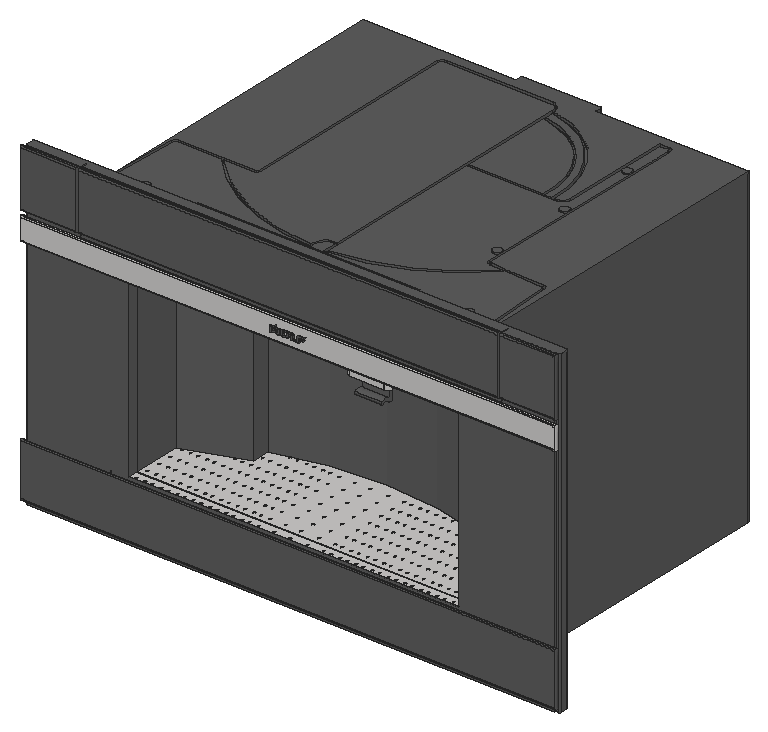
Revit family "EC3050CMB", category Specialty Equipment, Revit 2017
Family settings
  Round Connector Dimension = Use Diameter
  Part Type = Normal
  OmniClass Number = 23.40.40.11.21
  OmniClass Title = Hot Cabinets
  Work Plane-Based = No
  Always vertical = Yes
  Cut with Voids When Loaded = No
  Shared = No
  Room Calculation Point = No
Parameters (values of type "EC3050CMB")
  URL = "http://www.yepsketch.com"
  Model = "EC3050CMB"
  Manufacturer = "Subzero Wolf"
  Author = "Yepsketch"
  Assembly Code = "E1090320"
Reference planes (in)
  plane 1 "Center (Front/Back)": y = 0
  plane 2: z = 0
  plane 3 "Center (Left/Right)": x = 0
Forms (in)
  Extrusion 1, solid, material "Thermoplastic Resin"
    sketch origin (0, 7.12532, 0) x (1, 0, 0) y (0, 1, 0)
      loop
        line (-10.56417, 11.49096) -> (-10.56417, -6.29752) -> (10.89149, -6.29752) -> (10.89149, 11.48176)
        arc (10.89149, 11.48176) -> (10.88186, 11.505) -> (10.85861, 11.51463) r 0.03287
        line (10.85861, 11.51463) -> (2.4247, 11.51463)
        arc (2.4247, 11.51463) -> (2.39736, 11.52596) -> (2.38603, 11.5533) r 0.03867
        line (2.38603, 11.5533) -> (2.38603, 11.83137)
        arc (2.38603, 11.83137) -> (2.36087, 11.89211) -> (2.30014, 11.91727) r 0.08589
        line (2.30014, 11.91727) -> (-2.01654, 11.91727)
        arc (-2.01654, 11.91727) -> (-2.04636, 11.90491) -> (-2.05872, 11.87508) r 0.04218
        line (-2.05872, 11.87508) -> (-2.05872, 11.54377)
        arc (-2.05872, 11.54377) -> (-2.06741, 11.5228) -> (-2.08838, 11.51412) r 0.02966
        line (-2.08838, 11.51412) -> (-10.54102, 11.51412)
        arc (-10.54102, 11.51412) -> (-10.55739, 11.50733) -> (-10.56417, 11.49096) r 0.02316
    from 0 to 17.50389
  Extrusion 2, solid, material "Thermoplastic Resin"
    sketch origin (0, 7.12532, 0) x (1, 0, 0) y (0, 1, 0)
      loop
        arc (-14.63533, -6.29752) -> (-14.66433, -6.30953) -> (-14.67635, -6.33853) r 0.04101
        line (-14.67635, -6.33853) -> (-14.67635, -6.74089)
        arc (-14.67635, -6.74089) -> (-14.65028, -6.80383) -> (-14.58734, -6.82989) r 0.089
        line (-14.58734, -6.82989) -> (-14.55019, -6.82989) -> (-14.55019, -6.86238) -> (14.82353, -6.86238) -> (14.82353, -6.82989) -> (14.9842, -6.82989)
        arc (14.9842, -6.82989) -> (15.04713, -6.80383) -> (15.0732, -6.74089) r 0.089
        line (15.0732, -6.74089) -> (15.0732, -6.34753)
        arc (15.0732, -6.34753) -> (15.05855, -6.31217) -> (15.02319, -6.29752) r 0.05001
        line (15.02319, -6.29752) -> (-14.63533, -6.29752)
    from 0 to 17.89035
  Extrusion 3, solid, material "Thermoplastic Resin"
    sketch origin (0, 7.12532, 0) x (0, 1, 0) y (0, 0, 1)
      loop
        line (-6.97925, 17.8877) -> (-6.97925, 17.92118) -> (-7.06184, 17.92118)
        arc (-7.06184, 17.92118) -> (-7.10673, 17.90259) -> (-7.12532, 17.8577) r 0.06348
        line (-7.12532, 17.8577) -> (-7.12532, 14.7687)
        arc (-7.12532, 14.7687) -> (-7.10775, 14.72628) -> (-7.06532, 14.7087) r 0.06
        line (-7.06532, 14.7087) -> (-6.97925, 14.7087) -> (-6.97925, 14.741)
        arc (-6.97925, 14.741) -> (-6.92582, 14.75199) -> (-6.88306, 14.78586) r 0.11786
        line (-6.88306, 14.78586) -> (-6.88306, 17.79151)
        arc (-6.88306, 17.79151) -> (-6.91124, 17.85953) -> (-6.97925, 17.8877) r 0.09619
    from -14.87164 to 15.0732
  Extrusion 4, solid, material "Thermoplastic Resin"
    sketch origin (0, 7.12532, -14.65955) x (0, 1, 0) y (0, 0, 1)
      loop
        line (-6.97925, 17.8877) -> (-6.97925, 17.92118) -> (-7.03893, 17.92118)
        arc (-7.03893, 17.92118) -> (-7.08382, 17.90259) -> (-7.10241, 17.8577) r 0.06348
        line (-7.10241, 17.8577) -> (-7.10241, 14.98643)
        arc (-7.10241, 14.98643) -> (-7.08484, 14.944) -> (-7.04241, 14.92643) r 0.06
        line (-7.04241, 14.92643) -> (-6.97925, 14.92643) -> (-6.97925, 14.95872)
        arc (-6.97925, 14.95872) -> (-6.92582, 14.96971) -> (-6.88306, 15.00358) r 0.11786
        line (-6.88306, 15.00358) -> (-6.88306, 17.79151)
        arc (-6.88306, 17.79151) -> (-6.91124, 17.85953) -> (-6.97925, 17.8877) r 0.09619
    from -14.87164 to 15.0732
  Extrusion 5, solid, material "Thermoplastic Resin"
    sketch origin (-0.03592, 0, 12.01182) x (1, 0, 0) y (0, 0, 1)
      loop
        line (-0.78338, 1.93507) -> (-0.78338, 1.6486)
        arc (-0.78338, 1.6486) -> (-0.76479, 1.60964) -> (-0.7228, 1.59961) r 0.05011
        arc (-0.7228, 1.59961) -> (-0.61616, 1.62639) -> (-0.5079, 1.64558) r 1.55626
        arc (-0.5079, 1.64558) -> (-0.40084, 1.6278) -> (-0.2958, 1.60049) r 1.20968
        arc (-0.2958, 1.60049) -> (-0.25018, 1.60972) -> (-0.23318, 1.65304) r 0.04866
        line (-0.23318, 1.65304) -> (-0.23318, 1.93125)
        arc (-0.23318, 1.93125) -> (-0.31238, 1.89844) -> (-0.34519, 1.81924) r 0.11201
        line (-0.34519, 1.81924) -> (-0.34519, 1.70699)
        arc (-0.34519, 1.70699) -> (-0.35261, 1.68908) -> (-0.37053, 1.68166) r 0.02534
        arc (-0.37053, 1.68166) -> (-0.43864, 1.69691) -> (-0.5079, 1.70549) r 0.72005
        arc (-0.5079, 1.70549) -> (-0.57894, 1.69799) -> (-0.64803, 1.67986) r 0.47224
        arc (-0.64803, 1.67986) -> (-0.6643, 1.6866) -> (-0.67104, 1.70287) r 0.02301
        line (-0.67104, 1.70287) -> (-0.67104, 1.82273)
        arc (-0.67104, 1.82273) -> (-0.70394, 1.90217) -> (-0.78338, 1.93507) r 0.11235
      loop
        arc (-0.56557, 1.90748) -> (-0.5872, 1.89239) -> (-0.60229, 1.87076) r 0.07521
        arc (-0.60229, 1.87076) -> (-0.59345, 1.78059) -> (-0.51043, 1.74433) r 0.08951
        arc (-0.51043, 1.74433) -> (-0.47511, 1.76343) -> (-0.46243, 1.80153) r 0.05455
        arc (-0.46243, 1.80153) -> (-0.46214, 1.81803) -> (-0.45569, 1.83322) r 0.04323
        arc (-0.45569, 1.83322) -> (-0.43543, 1.81122) -> (-0.42883, 1.78205) r 0.05798
        arc (-0.42883, 1.78205) -> (-0.41536, 1.79598) -> (-0.40624, 1.81308) r 0.06974
        arc (-0.40624, 1.81308) -> (-0.4108, 1.85645) -> (-0.43391, 1.89342) r 0.09691
        line (-0.43391, 1.89342) -> (-0.45673, 1.91625)
        arc (-0.45673, 1.91625) -> (-0.47997, 1.95054) -> (-0.49449, 1.98935) r 0.17478
        arc (-0.49449, 1.98935) -> (-0.51379, 1.97221) -> (-0.52256, 1.94794) r 0.05234
        arc (-0.52256, 1.94794) -> (-0.5155, 1.91422) -> (-0.51539, 1.87978) r 0.16948
        arc (-0.51539, 1.87978) -> (-0.52642, 1.85392) -> (-0.55331, 1.8621) r 0.02104
        arc (-0.55331, 1.8621) -> (-0.56264, 1.88392) -> (-0.56557, 1.90748) r 0.08502
      loop
        line (-0.13714, 1.82707) -> (-0.13714, 1.70373)
        arc (-0.13714, 1.70373) -> (-0.09523, 1.61485) -> (0, 1.59063) r 0.1152
        line (0, 1.59063) -> (0.17151, 1.59063)
        arc (0.17151, 1.59063) -> (0.25662, 1.62589) -> (0.29188, 1.711) r 0.12037
        line (0.29188, 1.711) -> (0.29188, 1.81888)
        arc (0.29188, 1.81888) -> (0.25662, 1.90399) -> (0.17151, 1.93924) r 0.12037
        line (0.17151, 1.93924) -> (0, 1.93924)
        arc (0, 1.93924) -> (-0.09515, 1.91565) -> (-0.13714, 1.82707) r 0.11445
      loop
        arc (0.1346, 1.64398) -> (0.17192, 1.65944) -> (0.18738, 1.69676) r 0.05278
        line (0.18738, 1.69676) -> (0.18738, 1.83018)
        arc (0.18738, 1.83018) -> (0.17192, 1.8675) -> (0.1346, 1.88296) r 0.05278
        line (0.1346, 1.88296) -> (0.018, 1.88296)
        arc (0.018, 1.88296) -> (-0.02223, 1.86286) -> (-0.03032, 1.81862) r 0.05032
        line (-0.03032, 1.81862) -> (-0.03032, 1.71287)
        arc (-0.03032, 1.71287) -> (-0.01014, 1.66416) -> (0.03857, 1.64398) r 0.06889
        line (0.03857, 1.64398) -> (0.1346, 1.64398)
      loop
        arc (0.8275, 1.93924) -> (0.78371, 1.92111) -> (0.76557, 1.87732) r 0.06192
        line (0.76557, 1.87732) -> (0.76557, 1.65068)
        arc (0.76557, 1.65068) -> (0.8195, 1.59675) -> (0.87343, 1.65068) r 0.05393
        line (0.87343, 1.65068) -> (0.87343, 1.6847)
        arc (0.87343, 1.6847) -> (0.88527, 1.70013) -> (0.90382, 1.70598) r 0.03234
        line (0.90382, 1.70598) -> (1.06376, 1.70598)
        arc (1.06376, 1.70598) -> (1.09629, 1.73851) -> (1.06376, 1.77105) r 0.03253
        line (1.06376, 1.77105) -> (0.88126, 1.77105)
        arc (0.88126, 1.77105) -> (0.87349, 1.80451) -> (0.88126, 1.83797) r 0.07591
        line (0.88126, 1.83797) -> (1.06376, 1.83797)
        arc (1.06376, 1.83797) -> (1.13029, 1.86868) -> (1.15008, 1.93924) r 0.08743
        line (1.15008, 1.93924) -> (0.8275, 1.93924)
      loop
        arc (0.50305, 1.82698) -> (0.47017, 1.90636) -> (0.39079, 1.93924) r 0.11226
        line (0.39079, 1.93924) -> (0.39079, 1.65068)
        arc (0.39079, 1.65068) -> (0.40668, 1.61231) -> (0.44504, 1.59642) r 0.05425
        line (0.44504, 1.59642) -> (0.69605, 1.59642)
        arc (0.69605, 1.59642) -> (0.72741, 1.62779) -> (0.69605, 1.65915) r 0.03137
        line (0.69605, 1.65915) -> (0.5263, 1.65915)
        arc (0.5263, 1.65915) -> (0.50986, 1.66596) -> (0.50305, 1.6824) r 0.02324
        line (0.50305, 1.6824) -> (0.50305, 1.82698)
    from -0.26294 to 0.06132
  Extrusion 6, void
    sketch origin (0, 7.12532, 0) x (1, 0, 0) y (0, 1, 0)
      loop
        line (9.44981, -7.47925) -> (9.44981, -3.6299)
        arc (9.44981, -3.6299) -> (0.27297, -1.55579) -> (-8.92193, -3.54826) r 21.76654
        line (-8.92193, -3.54826) -> (-8.92193, -7.47925) -> (9.44981, -7.47925)
    from 3.35827 to 13.41379
  Extrusion 7, void
    sketch origin (0, 7.12532, 0) x (1, 0, 0) y (0, 1, 0)
      loop
        line (6.1621, -2.39482) -> (6.1621, -1.31974)
        arc (6.1621, -1.31974) -> (0.28683, -0.39574) -> (-5.58408, -1.3471) r 18.86171
        line (-5.58408, -1.3471) -> (-5.58408, -2.39482) -> (6.1621, -2.39482)
    from 3.35827 to 12.25674
  Extrusion 8, solid, material "Stainless Steel, Brushed"
    sketch origin (0, 0, 0) x (1, 0, 0) y (0, 0, 1)
      loop
        arc (-0.99053, 12.25674) -> (-1.04261, 12.23517) -> (-1.06418, 12.18309) r 0.07365
        line (-1.06418, 12.18309) -> (-1.06418, 9.0422)
        arc (-1.06418, 9.0422) -> (-1.05479, 8.99904) -> (-1.0211, 8.9705) r 0.06879
        line (-1.0211, 8.9705) -> (1.3753, 8.9705)
        arc (1.3753, 8.9705) -> (1.42013, 9.0049) -> (1.43713, 9.05879) r 0.09396
        line (1.43713, 9.05879) -> (1.43713, 12.16873)
        arc (1.43713, 12.16873) -> (1.42922, 12.22878) -> (1.3755, 12.25674) r 0.06558
        line (1.3755, 12.25674) -> (-0.99053, 12.25674)
    from -6.50267 to -5.46152
  Extrusion 9, void
    sketch origin (0, 7.12532, 0) x (1, 0, 0) y (0, 1, 0)
      loop
        line (-0.75, -0.65833) -> (-0.75, -0.62266) -> (-1.11603, -0.62266) -> (-1.11603, -0.88277) -> (-1.08095, -0.88277)
        arc (-1.08095, -0.88277) -> (-0.95427, -0.71335) -> (-0.75, -0.65833) r 0.32374
    from 8.9705 to 12.25674
  Extrusion 10, void
    sketch origin (0, 4.83887, 0) x (1, 0, 0) y (0, 1, 0)
      loop
        arc (-0.75, 0.65833) -> (-0.95427, 0.71335) -> (-1.08095, 0.88277) r 0.32374
        line (-1.08095, 0.88277) -> (-1.11603, 0.88277) -> (-1.11603, 0.62266) -> (-0.75, 0.62266) -> (-0.75, 0.65833)
    from 8.9705 to 12.25674
  Extrusion 11, void
    sketch origin (0.36435, 7.12532, 0) x (-1, 0, 0) y (0, -1, 0)
      loop
        arc (-0.75, 0.65833) -> (-0.95427, 0.71335) -> (-1.08095, 0.88277) r 0.32374
        line (-1.08095, 0.88277) -> (-1.11603, 0.88277) -> (-1.11603, 0.62266) -> (-0.75, 0.62266) -> (-0.75, 0.65833)
    from 8.9705 to 12.25674
  Extrusion 12, void
    sketch origin (0.36435, 4.83887, 0) x (-1, 0, 0) y (0, -1, 0)
      loop
        line (-0.75, -0.65833) -> (-0.75, -0.62266) -> (-1.11603, -0.62266) -> (-1.11603, -0.88277) -> (-1.08095, -0.88277)
        arc (-1.08095, -0.88277) -> (-0.95427, -0.71335) -> (-0.75, -0.65833) r 0.32374
    from 8.9705 to 12.25674
  Extrusion 13, void
    sketch origin (0, 0, 0) x (1, 0, 0) y (0, 0, 1)
      loop
        arc (0.20907, 9.90188) -> (0.17042, 9.85411) -> (0.16908, 9.79268) r 0.09502
        arc (0.16908, 9.79268) -> (0.18215, 9.72731) -> (0.18063, 9.66066) r 0.30348
        arc (0.18063, 9.66066) -> (0.14266, 9.61745) -> (0.08817, 9.63589) r 0.05184
        arc (0.08817, 9.63589) -> (0.07317, 9.68429) -> (0.06832, 9.73474) r 0.248
        arc (0.06832, 9.73474) -> (0.03117, 9.70357) -> (0, 9.66642) r 0.27811
        arc (0, 9.66642) -> (-0.03214, 9.56447) -> (0, 9.46251) r 0.17777
        arc (0, 9.46251) -> (0.08156, 9.39864) -> (0.18488, 9.39109) r 0.17777
        arc (0.18488, 9.39109) -> (0.26455, 9.44662) -> (0.28288, 9.54199) r 0.12895
        arc (0.28288, 9.54199) -> (0.28669, 9.5608) -> (0.30015, 9.57448) r 0.03369
        arc (0.30015, 9.57448) -> (0.34555, 9.53065) -> (0.36081, 9.46941) r 0.11445
        arc (0.36081, 9.46941) -> (0.40365, 9.53676) -> (0.39744, 9.61633) r 0.12602
        arc (0.39744, 9.61633) -> (0.3554, 9.68927) -> (0.29688, 9.74979) r 0.34354
        arc (0.29688, 9.74979) -> (0.24434, 9.82085) -> (0.20907, 9.90188) r 0.39184
      loop
        arc (0.31058, 9.76443) -> (0.25569, 9.84161) -> (0.22208, 9.93015) r 0.37184
        arc (0.22208, 9.93015) -> (0.15685, 9.87305) -> (0.15001, 9.78663) r 0.11502
        arc (0.15001, 9.78663) -> (0.16222, 9.72557) -> (0.1608, 9.66331) r 0.28348
        arc (0.1608, 9.66331) -> (0.13859, 9.63709) -> (0.10548, 9.64632) r 0.03184
        arc (0.10548, 9.64632) -> (0.08968, 9.70824) -> (0.09167, 9.77212) r 0.228
        arc (0.09167, 9.77212) -> (0.0319, 9.7316) -> (-0.01638, 9.67789) r 0.29811
        arc (-0.01638, 9.67789) -> (-0.05214, 9.56447) -> (-0.01638, 9.45104) r 0.19777
        arc (-0.01638, 9.45104) -> (0.07435, 9.37999) -> (0.1893, 9.37158) r 0.19777
        arc (0.1893, 9.37158) -> (0.28248, 9.43754) -> (0.3016, 9.55009) r 0.14895
        arc (0.3016, 9.55009) -> (0.33835, 9.49516) -> (0.3301, 9.42959) r 0.09445
        arc (0.3301, 9.42959) -> (0.41499, 9.50834) -> (0.41586, 9.62412) r 0.14602
        arc (0.41586, 9.62412) -> (0.37181, 9.70072) -> (0.31058, 9.76443) r 0.36354
    from -5.47663 to -5.4035
  Extrusion 14, solid, material "Thermoplastic Resin"
    sketch origin (0, 7.12532, 0) x (1, 0, 0) y (0, 1, 0)
      loop
        line (-1.0654, -1.51266) -> (-1.0654, -0.77485)
        arc (-1.0654, -0.77485) -> (-1.38347, -1.14376) -> (-1.0654, -1.51266) r 0.37297
      loop
        arc (1.43713, -1.51224) -> (1.75242, -1.14376) -> (1.43713, -0.77528) r 0.37297
        line (1.43713, -0.77528) -> (1.43713, -1.51224)
    from 9.34198 to 12.25674
  Extrusion 15, solid, material "Thermoplastic Resin"
    sketch origin (0, 0, 0) x (1, 0, 0) y (0, 0, 1)
      loop
        line (3.63763, 12.25674) -> (1.80142, 12.25674) -> (1.80142, 10.28113)
        arc (1.80142, 10.28113) -> (1.8242, 10.22611) -> (1.87922, 10.20332) r 0.0778
        line (1.87922, 10.20332) -> (2.88062, 10.20332) -> (2.88062, 11.77288)
        arc (2.88062, 11.77288) -> (2.9035, 11.8281) -> (2.95872, 11.85098) r 0.07809
        line (2.95872, 11.85098) -> (3.56601, 11.85098)
        arc (3.56601, 11.85098) -> (3.61666, 11.87195) -> (3.63763, 11.9226) r 0.07162
        line (3.63763, 11.9226) -> (3.63763, 12.25674)
    from -6.80603 to -6.28096
  Extrusion 16, solid, material "Thermoplastic Resin"
    sketch origin (0, 0, 0) x (1, 0, 0) y (0, 0, 1)
      loop
        line (3.09625, 12.25674) -> (2.0222, 12.25674) -> (2.0222, 11.90363)
        arc (2.0222, 11.90363) -> (2.07285, 11.8872) -> (2.12476, 11.8754) r 0.59081
        line (2.12476, 11.8754) -> (2.12476, 10.64971)
        arc (2.12476, 10.64971) -> (2.15218, 10.58351) -> (2.21839, 10.55608) r 0.09363
        line (2.21839, 10.55608) -> (2.54973, 10.55608)
        arc (2.54973, 10.55608) -> (2.60515, 10.57904) -> (2.62811, 10.63446) r 0.07838
        line (2.62811, 10.63446) -> (2.62811, 11.83337)
        arc (2.62811, 11.83337) -> (2.66624, 11.87122) -> (2.71815, 11.88506) r 0.10427
        line (2.71815, 11.88506) -> (3.03833, 11.88506)
        arc (3.03833, 11.88506) -> (3.07929, 11.90203) -> (3.09625, 11.94298) r 0.05792
        line (3.09625, 11.94298) -> (3.09625, 12.25674)
    from -6.28096 to -6.21407
  Extrusion 17, solid, material "Thermoplastic Resin"
    sketch origin (0, 0, 0) x (1, 0, 0) y (0, 0, 1)
      loop
        arc (2.08069, 11.26495) -> (2.13805, 11.08842) -> (2.28823, 10.97934) r 0.30029
        line (2.28823, 10.97934) -> (2.48346, 10.97934)
        arc (2.48346, 10.97934) -> (2.63358, 11.08845) -> (2.69092, 11.26495) r 0.30032
        line (2.69092, 11.26495) -> (2.69092, 11.83379)
        arc (2.69092, 11.83379) -> (2.63433, 11.97041) -> (2.49771, 12.027) r 0.19321
        line (2.49771, 12.027) -> (2.28515, 12.027)
        arc (2.28515, 12.027) -> (2.13688, 11.91323) -> (2.08069, 11.73499) r 0.31075
        line (2.08069, 11.73499) -> (2.08069, 11.26495)
    from -6.21407 to -6.1554
  Extrusion 18, solid, material "Thermoplastic Resin"
    sketch origin (0, 0, 0) x (1, 0, 0) y (0, 0, 1)
      loop
        arc (2.28823, 10.98856) -> (2.29476, 10.9728) -> (2.31052, 10.96626) r 0.0223
        line (2.31052, 10.96626) -> (2.46109, 10.96626)
        arc (2.46109, 10.96626) -> (2.47693, 10.97126) -> (2.48705, 10.98444) r 0.02762
        line (2.48705, 10.98444) -> (2.48705, 12.22934)
        arc (2.48705, 12.22934) -> (2.47778, 12.24362) -> (2.46169, 12.24916) r 0.02613
        line (2.46169, 12.24916) -> (2.31653, 12.24916)
        arc (2.31653, 12.24916) -> (2.29929, 12.24366) -> (2.28823, 12.22934) r 0.03043
        line (2.28823, 12.22934) -> (2.28823, 10.98856)
    from -6.11295 to -6.21407
  Extrusion 19, solid, material "Thermoplastic Resin"
    sketch origin (0, 7.12532, 0) x (0, 1, 0) y (0, 0, 1)
      loop
        line (-0.84436, 8.9705) -> (-0.99436, 8.9705) -> (-0.99436, 8.19369)
        arc (-0.99436, 8.19369) -> (-1.26723, 8.29577) -> (-1.55106, 8.23005) r 0.50472
        arc (-1.55106, 8.23005) -> (-1.57884, 8.12769) -> (-1.47648, 8.0999) r 0.075
        arc (-1.47648, 8.0999) -> (-1.20832, 8.13476) -> (-0.99352, 7.9705) r 0.35472
        line (-0.99352, 7.9705) -> (-0.84436, 7.9705) -> (-0.84436, 8.9705)
    from -0.57 to 0.94415
  Extrusion 20, solid, material "Thermoplastic Resin"
    sketch origin (0, 7.12532, 0) x (1, 0, 0) y (0, 1, 0)
      loop
        circle (-0.4373, -1.08937) r 0.02
      loop
        circle (0.82051, -1.08937) r 0.02
    from 8.77454 to 9.01713
  Extrusion 21, void
    sketch origin (0, 7.12532, 0) x (1, 0, 0) y (0, 1, 0)
      loop
        circle (-9.90171, -6.74661) r 0.06
      loop
        circle (-9.49728, -6.74661) r 0.06
      loop
        circle (-8.99728, -6.74661) r 0.06
      loop
        circle (-8.59285, -6.74661) r 0.06
      loop
        circle (-8.09285, -6.74661) r 0.06
      loop
        circle (-7.68843, -6.74661) r 0.06
      loop
        circle (-7.18843, -6.74661) r 0.06
      loop
        circle (-6.784, -6.74661) r 0.06
      loop
        circle (-6.284, -6.74661) r 0.06
      loop
        circle (-5.87957, -6.74661) r 0.06
      loop
        circle (-5.37957, -6.74661) r 0.06
      loop
        circle (-4.97515, -6.74661) r 0.06
      loop
        circle (-4.47515, -6.74661) r 0.06
      loop
        circle (-4.07072, -6.74661) r 0.06
      loop
        circle (-3.57072, -6.74661) r 0.06
      loop
        circle (-3.1663, -6.74661) r 0.06
      loop
        circle (-2.6663, -6.74661) r 0.06
      loop
        circle (-2.26187, -6.74661) r 0.06
      loop
        circle (-1.76187, -6.74661) r 0.06
      loop
        circle (1.84829, -6.74661) r 0.06
      loop
        circle (2.25272, -6.74661) r 0.06
      loop
        circle (2.75272, -6.74661) r 0.06
      loop
        circle (3.15715, -6.74661) r 0.06
      loop
        circle (3.65715, -6.74661) r 0.06
      loop
        circle (4.06157, -6.74661) r 0.06
      loop
        circle (4.56157, -6.74661) r 0.06
      loop
        circle (4.966, -6.74661) r 0.06
      loop
        circle (5.466, -6.74661) r 0.06
      loop
        circle (5.87043, -6.74661) r 0.06
      loop
        circle (6.37043, -6.74661) r 0.06
      loop
        circle (6.77485, -6.74661) r 0.06
      loop
        circle (7.27485, -6.74661) r 0.06
      loop
        circle (7.67928, -6.74661) r 0.06
      loop
        circle (8.17928, -6.74661) r 0.06
      loop
        circle (8.5837, -6.74661) r 0.06
      loop
        circle (9.0837, -6.74661) r 0.06
      loop
        circle (9.48813, -6.74661) r 0.06
      loop
        circle (9.98813, -6.74661) r 0.06
      loop
        circle (-0.03032, -6.74661) r 0.06
      loop
        circle (0.96968, -6.74661) r 0.06
      loop
        circle (-0.90645, -6.74661) r 0.06
    from 3.16504 to 3.46811
  Extrusion 22, void
    sketch origin (0, 7.92532, 0) x (1, 0, 0) y (0, 1, 0)
      loop
        circle (-9.90171, -6.74661) r 0.06
      loop
        circle (-9.49728, -6.74661) r 0.06
      loop
        circle (-8.99728, -6.74661) r 0.06
      loop
        circle (-8.59285, -6.74661) r 0.06
      loop
        circle (-8.09285, -6.74661) r 0.06
      loop
        circle (-7.68843, -6.74661) r 0.06
      loop
        circle (-7.18843, -6.74661) r 0.06
      loop
        circle (-6.784, -6.74661) r 0.06
      loop
        circle (-6.284, -6.74661) r 0.06
      loop
        circle (-5.87957, -6.74661) r 0.06
      loop
        circle (-5.37957, -6.74661) r 0.06
      loop
        circle (-4.97515, -6.74661) r 0.06
      loop
        circle (-4.47515, -6.74661) r 0.06
      loop
        circle (-4.07072, -6.74661) r 0.06
      loop
        circle (-3.57072, -6.74661) r 0.06
      loop
        circle (-3.1663, -6.74661) r 0.06
      loop
        circle (-2.6663, -6.74661) r 0.06
      loop
        circle (-2.26187, -6.74661) r 0.06
      loop
        circle (-1.76187, -6.74661) r 0.06
      loop
        circle (1.84829, -6.74661) r 0.06
      loop
        circle (2.25272, -6.74661) r 0.06
      loop
        circle (2.75272, -6.74661) r 0.06
      loop
        circle (3.15715, -6.74661) r 0.06
      loop
        circle (3.65715, -6.74661) r 0.06
      loop
        circle (4.06157, -6.74661) r 0.06
      loop
        circle (4.56157, -6.74661) r 0.06
      loop
        circle (4.966, -6.74661) r 0.06
      loop
        circle (5.466, -6.74661) r 0.06
      loop
        circle (5.87043, -6.74661) r 0.06
      loop
        circle (6.37043, -6.74661) r 0.06
      loop
        circle (6.77485, -6.74661) r 0.06
      loop
        circle (7.27485, -6.74661) r 0.06
      loop
        circle (7.67928, -6.74661) r 0.06
      loop
        circle (8.17928, -6.74661) r 0.06
      loop
        circle (8.5837, -6.74661) r 0.06
      loop
        circle (9.0837, -6.74661) r 0.06
      loop
        circle (9.48813, -6.74661) r 0.06
      loop
        circle (9.98813, -6.74661) r 0.06
      loop
        circle (-0.03032, -6.74661) r 0.06
      loop
        circle (0.96968, -6.74661) r 0.06
      loop
        circle (-0.90645, -6.74661) r 0.06
    from 3.16504 to 3.46811
  Extrusion 23, void
    sketch origin (0, 8.72532, 0) x (1, 0, 0) y (0, 1, 0)
      loop
        circle (-9.90171, -6.74661) r 0.06
      loop
        circle (-9.49728, -6.74661) r 0.06
      loop
        circle (-8.99728, -6.74661) r 0.06
      loop
        circle (-8.59285, -6.74661) r 0.06
      loop
        circle (-8.09285, -6.74661) r 0.06
      loop
        circle (-7.68843, -6.74661) r 0.06
      loop
        circle (-7.18843, -6.74661) r 0.06
      loop
        circle (-6.784, -6.74661) r 0.06
      loop
        circle (-6.284, -6.74661) r 0.06
      loop
        circle (-5.87957, -6.74661) r 0.06
      loop
        circle (-5.37957, -6.74661) r 0.06
      loop
        circle (-4.97515, -6.74661) r 0.06
      loop
        circle (-4.47515, -6.74661) r 0.06
      loop
        circle (-4.07072, -6.74661) r 0.06
      loop
        circle (-3.57072, -6.74661) r 0.06
      loop
        circle (-3.1663, -6.74661) r 0.06
      loop
        circle (-2.6663, -6.74661) r 0.06
      loop
        circle (-2.26187, -6.74661) r 0.06
      loop
        circle (-1.76187, -6.74661) r 0.06
      loop
        circle (1.84829, -6.74661) r 0.06
      loop
        circle (2.25272, -6.74661) r 0.06
      loop
        circle (2.75272, -6.74661) r 0.06
      loop
        circle (3.15715, -6.74661) r 0.06
      loop
        circle (3.65715, -6.74661) r 0.06
      loop
        circle (4.06157, -6.74661) r 0.06
      loop
        circle (4.56157, -6.74661) r 0.06
      loop
        circle (4.966, -6.74661) r 0.06
      loop
        circle (5.466, -6.74661) r 0.06
      loop
        circle (5.87043, -6.74661) r 0.06
      loop
        circle (6.37043, -6.74661) r 0.06
      loop
        circle (6.77485, -6.74661) r 0.06
      loop
        circle (7.27485, -6.74661) r 0.06
      loop
        circle (7.67928, -6.74661) r 0.06
      loop
        circle (8.17928, -6.74661) r 0.06
      loop
        circle (8.5837, -6.74661) r 0.06
      loop
        circle (9.0837, -6.74661) r 0.06
      loop
        circle (9.48813, -6.74661) r 0.06
      loop
        circle (9.98813, -6.74661) r 0.06
      loop
        circle (-0.03032, -6.74661) r 0.06
      loop
        circle (0.96968, -6.74661) r 0.06
      loop
        circle (-0.90645, -6.74661) r 0.06
    from 3.16504 to 3.46811
  Extrusion 24, void
    sketch origin (0, 9.52532, 0) x (1, 0, 0) y (0, 1, 0)
      loop
        circle (-9.90171, -6.74661) r 0.06
      loop
        circle (-9.49728, -6.74661) r 0.06
      loop
        circle (-8.99728, -6.74661) r 0.06
      loop
        circle (-8.59285, -6.74661) r 0.06
      loop
        circle (-8.09285, -6.74661) r 0.06
      loop
        circle (-7.68843, -6.74661) r 0.06
      loop
        circle (-7.18843, -6.74661) r 0.06
      loop
        circle (-6.784, -6.74661) r 0.06
      loop
        circle (-6.284, -6.74661) r 0.06
      loop
        circle (-5.87957, -6.74661) r 0.06
      loop
        circle (-5.37957, -6.74661) r 0.06
      loop
        circle (-4.97515, -6.74661) r 0.06
      loop
        circle (-4.47515, -6.74661) r 0.06
      loop
        circle (-4.07072, -6.74661) r 0.06
      loop
        circle (-3.57072, -6.74661) r 0.06
      loop
        circle (-3.1663, -6.74661) r 0.06
      loop
        circle (-2.6663, -6.74661) r 0.06
      loop
        circle (-2.26187, -6.74661) r 0.06
      loop
        circle (-1.76187, -6.74661) r 0.06
      loop
        circle (1.84829, -6.74661) r 0.06
      loop
        circle (2.25272, -6.74661) r 0.06
      loop
        circle (2.75272, -6.74661) r 0.06
      loop
        circle (3.15715, -6.74661) r 0.06
      loop
        circle (3.65715, -6.74661) r 0.06
      loop
        circle (4.06157, -6.74661) r 0.06
      loop
        circle (4.56157, -6.74661) r 0.06
      loop
        circle (4.966, -6.74661) r 0.06
      loop
        circle (5.466, -6.74661) r 0.06
      loop
        circle (5.87043, -6.74661) r 0.06
      loop
        circle (6.37043, -6.74661) r 0.06
      loop
        circle (6.77485, -6.74661) r 0.06
      loop
        circle (7.27485, -6.74661) r 0.06
      loop
        circle (7.67928, -6.74661) r 0.06
      loop
        circle (8.17928, -6.74661) r 0.06
      loop
        circle (8.5837, -6.74661) r 0.06
      loop
        circle (9.0837, -6.74661) r 0.06
      loop
        circle (9.48813, -6.74661) r 0.06
      loop
        circle (9.98813, -6.74661) r 0.06
      loop
        circle (-0.03032, -6.74661) r 0.06
      loop
        circle (0.96968, -6.74661) r 0.06
      loop
        circle (-0.90645, -6.74661) r 0.06
    from 3.16504 to 3.46811
  Extrusion 25, void
    sketch origin (0, 10.32532, 0) x (1, 0, 0) y (0, 1, 0)
      loop
        circle (-8.59285, -6.74661) r 0.06
      loop
        circle (-8.09285, -6.74661) r 0.06
      loop
        circle (-7.68843, -6.74661) r 0.06
      loop
        circle (-7.18843, -6.74661) r 0.06
      loop
        circle (-6.784, -6.74661) r 0.06
      loop
        circle (-6.284, -6.74661) r 0.06
      loop
        circle (-5.87957, -6.74661) r 0.06
      loop
        circle (-5.37957, -6.74661) r 0.06
      loop
        circle (-4.97515, -6.74661) r 0.06
      loop
        circle (-4.47515, -6.74661) r 0.06
      loop
        circle (-4.07072, -6.74661) r 0.06
      loop
        circle (-3.57072, -6.74661) r 0.06
      loop
        circle (-3.1663, -6.74661) r 0.06
      loop
        circle (-2.6663, -6.74661) r 0.06
      loop
        circle (-2.26187, -6.74661) r 0.06
      loop
        circle (-1.76187, -6.74661) r 0.06
      loop
        circle (1.84829, -6.74661) r 0.06
      loop
        circle (2.25272, -6.74661) r 0.06
      loop
        circle (2.75272, -6.74661) r 0.06
      loop
        circle (3.15715, -6.74661) r 0.06
      loop
        circle (3.65715, -6.74661) r 0.06
      loop
        circle (4.06157, -6.74661) r 0.06
      loop
        circle (4.56157, -6.74661) r 0.06
      loop
        circle (4.966, -6.74661) r 0.06
      loop
        circle (5.466, -6.74661) r 0.06
      loop
        circle (5.87043, -6.74661) r 0.06
      loop
        circle (6.37043, -6.74661) r 0.06
      loop
        circle (6.77485, -6.74661) r 0.06
      loop
        circle (7.27485, -6.74661) r 0.06
      loop
        circle (7.67928, -6.74661) r 0.06
      loop
        circle (8.17928, -6.74661) r 0.06
      loop
        circle (8.5837, -6.74661) r 0.06
      loop
        circle (-0.03032, -6.74661) r 0.06
      loop
        circle (0.96968, -6.74661) r 0.06
      loop
        circle (-0.90645, -6.74661) r 0.06
    from 3.16504 to 3.46811
  Extrusion 26, void
    sketch origin (0, 11.12532, 0) x (1, 0, 0) y (0, 1, 0)
      loop
        circle (-6.284, -6.74661) r 0.06
      loop
        circle (-5.87957, -6.74661) r 0.06
      loop
        circle (-5.37957, -6.74661) r 0.06
      loop
        circle (-4.97515, -6.74661) r 0.06
      loop
        circle (-4.47515, -6.74661) r 0.06
      loop
        circle (-4.07072, -6.74661) r 0.06
      loop
        circle (-3.57072, -6.74661) r 0.06
      loop
        circle (-3.1663, -6.74661) r 0.06
      loop
        circle (-2.6663, -6.74661) r 0.06
      loop
        circle (-2.26187, -6.74661) r 0.06
      loop
        circle (-1.76187, -6.74661) r 0.06
      loop
        circle (1.84829, -6.74661) r 0.06
      loop
        circle (2.25272, -6.74661) r 0.06
      loop
        circle (2.75272, -6.74661) r 0.06
      loop
        circle (3.15715, -6.74661) r 0.06
      loop
        circle (3.65715, -6.74661) r 0.06
      loop
        circle (4.06157, -6.74661) r 0.06
      loop
        circle (4.56157, -6.74661) r 0.06
      loop
        circle (4.966, -6.74661) r 0.06
      loop
        circle (5.466, -6.74661) r 0.06
      loop
        circle (5.87043, -6.74661) r 0.06
      loop
        circle (6.37043, -6.74661) r 0.06
      loop
        circle (6.77485, -6.74661) r 0.06
      loop
        circle (-0.03032, -6.74661) r 0.06
      loop
        circle (0.96968, -6.74661) r 0.06
      loop
        circle (-0.90645, -6.74661) r 0.06
    from 3.16504 to 3.46811
  Extrusion 27, void
    sketch origin (0, 12.72532, 0) x (1, 0, 0) y (0, 1, 0)
      loop
        circle (-4.47515, -6.74661) r 0.06
      loop
        circle (-4.07072, -6.74661) r 0.06
      loop
        circle (-3.57072, -6.74661) r 0.06
      loop
        circle (-3.1663, -6.74661) r 0.06
      loop
        circle (-2.6663, -6.74661) r 0.06
      loop
        circle (-2.26187, -6.74661) r 0.06
      loop
        circle (-1.76187, -6.74661) r 0.06
      loop
        circle (1.84829, -6.74661) r 0.06
      loop
        circle (2.25272, -6.74661) r 0.06
      loop
        circle (2.75272, -6.74661) r 0.06
      loop
        circle (3.15715, -6.74661) r 0.06
      loop
        circle (3.65715, -6.74661) r 0.06
      loop
        circle (4.06157, -6.74661) r 0.06
      loop
        circle (4.56157, -6.74661) r 0.06
      loop
        circle (4.966, -6.74661) r 0.06
      loop
        circle (-0.03032, -6.74661) r 0.06
      loop
        circle (0.96968, -6.74661) r 0.06
      loop
        circle (-0.90645, -6.74661) r 0.06
    from 3.16504 to 3.35827
  Extrusion 28, void
    sketch origin (0, 7.12532, 0) x (1, 0, 0) y (0, 1, 0)
      loop
        line (-10.43787, -6.18224) -> (-10.2246, -2.11267)
        arc (-10.2246, -2.11267) -> (-10.18568, -2.01872) -> (-10.09172, -1.9798) r 0.13288
        line (-10.09172, -1.9798) -> (-7.70905, -1.9798)
        arc (-7.70905, -1.9798) -> (-4.13432, -4.64214) -> (0.22503, -5.57102) r 10.44095
        arc (0.22503, -5.57102) -> (0.3618, -4.98489) -> (0.90448, -4.72462) r 0.69592
        line (0.90448, -4.72462) -> (0.90448, -5.54347)
        arc (0.90448, -5.54347) -> (4.87961, -4.51122) -> (8.16241, -2.04335) r 10.58274
        line (8.16241, -2.04335) -> (10.23484, -2.12901)
        arc (10.23484, -2.12901) -> (10.3579, -2.17998) -> (10.40887, -2.30304) r 0.17403
        line (10.40887, -2.30304) -> (10.61258, -6.19009) -> (10.76279, -6.19009) -> (10.55884, -2.29851)
        arc (10.55884, -2.29851) -> (10.46362, -2.07358) -> (10.23841, -1.97903) r 0.32403
        line (10.23841, -1.97903) -> (7.97338, -1.8854) -> (7.27463, -1.85652)
        arc (7.27463, -1.85652) -> (7.22184, -1.83608) -> (7.19977, -1.78395) r 0.07261
        line (7.19977, -1.78395) -> (7.19977, 10.66415)
        arc (7.19977, 10.66415) -> (7.10977, 10.88142) -> (6.8925, 10.97141) r 0.30726
        line (6.8925, 10.97141) -> (6.37337, 10.97141) -> (6.37337, 4.72138)
        arc (6.37337, 4.72138) -> (6.26198, 4.45244) -> (5.99304, 4.34105) r 0.38033
        line (5.99304, 4.34105) -> (5.84971, 4.34105)
        arc (5.84971, 4.34105) -> (4.58305, 8.23524) -> (1.05448, 10.31332) r 5.78094
        arc (1.05448, 10.31332) -> (0.86854, 10.76223) -> (0.41963, 10.94817) r 0.63485
        line (0.41963, 10.94817) -> (-5.48194, 10.94817)
        arc (-5.48194, 10.94817) -> (-5.6803, 10.86601) -> (-5.76246, 10.66765) r 0.28052
        line (-5.76246, 10.66765) -> (-5.76246, -1.76267)
        arc (-5.76246, -1.76267) -> (-5.78212, -1.81014) -> (-5.82959, -1.8298) r 0.06713
        line (-5.82959, -1.8298) -> (-10.09172, -1.8298)
        arc (-10.09172, -1.8298) -> (-10.29009, -1.91101) -> (-10.37456, -2.10801) r 0.28288
        line (-10.37456, -2.10801) -> (-10.58808, -6.18224) -> (-10.43787, -6.18224)
      loop
        line (-5.82959, -1.9798) -> (-7.5092, -1.9798)
        arc (-7.5092, -1.9798) -> (-4.08822, -4.49834) -> (0.05857, -5.42054) r 10.29095
        arc (0.05857, -5.42054) -> (0.30633, -4.82239) -> (0.90448, -4.57462) r 0.84592
        line (0.90448, -4.57462) -> (0.90448, 10.31332)
        arc (0.90448, 10.31332) -> (0.76247, 10.65617) -> (0.41963, 10.79817) r 0.48485
        line (0.41963, 10.79817) -> (-5.48194, 10.79817)
        arc (-5.48194, 10.79817) -> (-5.57423, 10.75995) -> (-5.61246, 10.66765) r 0.13052
        line (-5.61246, 10.66765) -> (-5.61246, -1.76267)
        arc (-5.61246, -1.76267) -> (-5.67606, -1.9162) -> (-5.82959, -1.9798) r 0.21713
      loop
        line (1.05448, 10.16106) -> (1.05448, 9.67825)
        arc (1.05448, 9.67825) -> (4.25606, 7.86743) -> (5.3019, 4.34105) r 4.91066
        line (5.3019, 4.34105) -> (5.69953, 4.34105)
        arc (5.69953, 4.34105) -> (4.47637, 8.12847) -> (1.05448, 10.16106) r 5.63094
      loop
        line (-6.192, -6.19009) -> (-6.192, -6.01085) -> (-5.98145, -5.80031) -> (6.26855, -5.80031) -> (6.42878, -5.96055) -> (6.42878, -6.19009) -> (6.57878, -6.19009) -> (6.57878, -5.89841) -> (6.33068, -5.65031) -> (-6.04359, -5.65031) -> (-6.342, -5.94872) -> (-6.342, -6.19009) -> (-6.192, -6.19009)
      loop
        arc (1.05448, -5.38317) -> (4.83014, -4.36852) -> (7.96719, -2.03528) r 10.43274
        line (7.96719, -2.03528) -> (7.27237, -2.00656)
        arc (7.27237, -2.00656) -> (7.11497, -1.94136) -> (7.04977, -1.78395) r 0.22261
        line (7.04977, -1.78395) -> (7.04977, 10.66415)
        arc (7.04977, 10.66415) -> (7.00371, 10.77535) -> (6.8925, 10.82141) r 0.15726
        line (6.8925, 10.82141) -> (6.52337, 10.82141) -> (6.52337, 4.72138)
        arc (6.52337, 4.72138) -> (6.36804, 4.34638) -> (5.99304, 4.19105) r 0.53033
        line (5.99304, 4.19105) -> (1.05448, 4.19105) -> (1.05448, -5.38317)
      loop
        arc (5.15119, 4.34105) -> (4.14929, 7.76065) -> (1.05448, 9.52691) r 4.76066
        line (1.05448, 9.52691) -> (1.05448, 4.34105) -> (5.15119, 4.34105)
    from 17.3627 to 19.56477
  Extrusion 29, solid, material "Thermoplastic Resin"
    sketch origin (0, 7.12532, 0) x (1, 0, 0) y (0, 1, 0)
      loop
        circle (-8.82536, -5.84299) r 0.25
      loop
        circle (9.17464, -5.84299) r 0.25
      loop
        circle (6.78502, -0.84299) r 0.25
      loop
        circle (6.78502, 3.84451) r 0.25
      loop
        circle (6.78502, 8.19454) r 0.25
    from 17.46658 to 17.52551
  Sweep 30, void
    path origin (-0.0341, 0, 0) x (1, 0, 0) y (0, 0, 1)
      loop
        line (-14.76984, 0.26688) -> (-14.76984, 17.92118)
    profile origin (-14.80394, 0, 9.09403) x (-1, 0, 0) y (0, -1, 0)
      loop
        line (-0.0981, -0.25296) -> (0.07449, -0.25296) -> (0.07449, 0.0091) -> (-0.08802, 0.0091)
        arc (-0.08802, 0.0091) -> (-0.01402, -0.12497) -> (-0.0981, -0.25296) r 0.14824
  Sweep 31, void
    path origin (0.30379, 0, 0) x (-1, 0, 0) y (0, 0, 1)
      loop
        line (-14.76984, 0.26688) -> (-14.76984, 17.92118)
    profile origin (15.07364, 0, 9.09403) x (-1, 0, 0) y (0, -1, 0)
      loop
        arc (0.0981, -0.25843) -> (0.01402, -0.13044) -> (0.08802, 0.00363) r 0.14824
        line (0.08802, 0.00363) -> (-0.07449, 0.00363) -> (-0.07449, -0.25843) -> (0.0981, -0.25843)
  Extrusion 32, void
    sketch origin (0, 11.92532, 0) x (1, 0, 0) y (0, 1, 0)
      loop
        circle (-5.37957, -6.74661) r 0.06
      loop
        circle (-4.97515, -6.74661) r 0.06
      loop
        circle (-4.47515, -6.74661) r 0.06
      loop
        circle (-4.07072, -6.74661) r 0.06
      loop
        circle (-3.57072, -6.74661) r 0.06
      loop
        circle (-3.1663, -6.74661) r 0.06
      loop
        circle (-2.6663, -6.74661) r 0.06
      loop
        circle (-2.26187, -6.74661) r 0.06
      loop
        circle (-1.76187, -6.74661) r 0.06
      loop
        circle (1.84829, -6.74661) r 0.06
      loop
        circle (2.25272, -6.74661) r 0.06
      loop
        circle (2.75272, -6.74661) r 0.06
      loop
        circle (3.15715, -6.74661) r 0.06
      loop
        circle (3.65715, -6.74661) r 0.06
      loop
        circle (4.06157, -6.74661) r 0.06
      loop
        circle (4.56157, -6.74661) r 0.06
      loop
        circle (4.966, -6.74661) r 0.06
      loop
        circle (5.466, -6.74661) r 0.06
      loop
        circle (5.87043, -6.74661) r 0.06
      loop
        circle (-0.03032, -6.74661) r 0.06
      loop
        circle (0.96968, -6.74661) r 0.06
      loop
        circle (-0.90645, -6.74661) r 0.06
    from 3.16504 to 3.46811
  Extrusion 33, solid, material "Thermoplastic Resin"
    sketch origin (0, 7.12532, 0) x (1, 0, 0) y (0, 1, 0)
      loop
        arc (-7.06417, -2.81864) -> (0.16366, -4.15216) -> (7.39149, -2.81864) r 20.25457
        line (7.39149, -2.81864) -> (7.39149, 0) -> (-7.06417, 0) -> (-7.06417, -2.81864)
    from 12.25674 to 13.41379
  Extrusion 34, solid, material "Stainless Steel, Brushed"
    sketch origin (0, 7.12532, -3.48855) x (0, 1, 0) y (0, 0, 1)
      loop
        line (-6.97925, 17.8877) -> (-6.97925, 17.92118) -> (-7.06177, 17.92118)
        arc (-7.06177, 17.92118) -> (-7.10666, 17.90259) -> (-7.12525, 17.8577) r 0.06348
        line (-7.12525, 17.8577) -> (-7.12525, 16.71755)
        arc (-7.12525, 16.71755) -> (-7.10768, 16.67513) -> (-7.06525, 16.65755) r 0.06
        line (-7.06525, 16.65755) -> (-6.97925, 16.65755) -> (-6.97925, 16.68985)
        arc (-6.97925, 16.68985) -> (-6.92582, 16.70084) -> (-6.88306, 16.7347) r 0.11786
        line (-6.88306, 16.7347) -> (-6.88306, 17.79151)
        arc (-6.88306, 17.79151) -> (-6.91124, 17.85953) -> (-6.97925, 17.8877) r 0.09619
    from -14.87164 to 15.0732
  Sweep 35, void
    path origin (-1.55965, 0, 0) x (1, 0, 0) y (0, 0, 1)
      loop
        line (-9.99611, 14.43263) -> (-9.99611, 18.04122)
    profile origin (-11.55576, 0, 16.23693) x (-1, 0, 0) y (0, -1, 0)
      loop
        line (0, 0) -> (-0.06327, 0) -> (0, -0.60199) -> (0.06794, 0) -> (0, 0)
  Sweep 36, void
    path origin (21.89489, 0, 0) x (1, 0, 0) y (0, 0, 1)
      loop
        line (-9.99611, 14.43263) -> (-9.99611, 18.04122)
    profile origin (11.89878, 0, 16.23693) x (-1, 0, 0) y (0, -1, 0)
      loop
        line (0, 0) -> (-0.06327, 0) -> (0, -0.60199) -> (0.06794, 0) -> (0, 0)
Cuts and joins
  Extrusion 6, Extrusion 7, Extrusion 9, Extrusion 10, Extrusion 11, Extrusion 12, Extrusion 13, Extrusion 22, Extrusion 23, Extrusion 24, Extrusion 25, Extrusion 26, Extrusion 27, Extrusion 28, Extrusion 32 cuts Extrusion 1
  Extrusion 6, Extrusion 21, Extrusion 22, Extrusion 28, Sweep 35, Sweep 36 cuts Extrusion 2
  Extrusion 6, Sweep 30, Sweep 31 cuts Extrusion 4
  Extrusion 6 cuts Extrusion 5
  Sweep 30, Sweep 31, Sweep 35, Sweep 36 cuts Extrusion 3
  Extrusion 9, Extrusion 10, Extrusion 11, Extrusion 12, Extrusion 13, Extrusion 28 cuts Extrusion 8
  Extrusion 28 cuts Extrusion 19
  Sweep 30, Sweep 31, Sweep 35, Sweep 36 cuts Extrusion 34
Dimensions and locks (in)
  aligned and locked: level to plane 2
